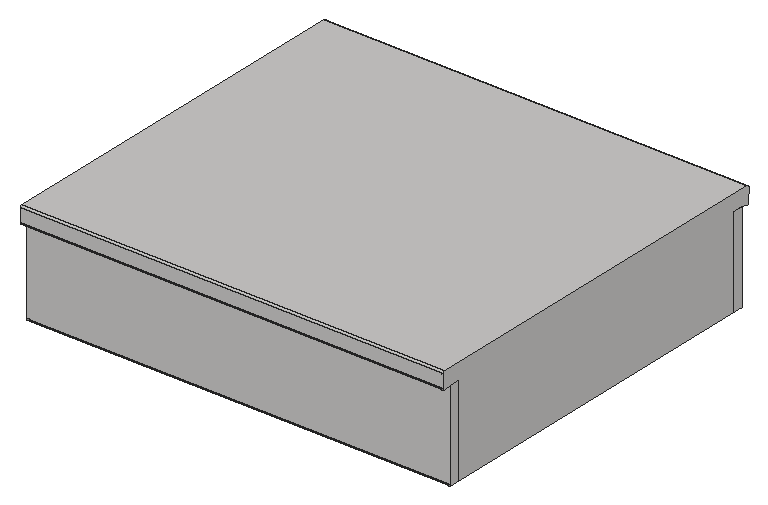
Revit family "QF_ELECTROLUXPROFESSIONAL_589168_MCNABAJOOO", category Specialty Equipment, Revit 2018
Family settings
  Round Connector Dimension = Use Diameter
  Part Type = Normal
  Work Plane-Based = No
  Always vertical = Yes
  Cut with Voids When Loaded = No
  Shared = No
  Room Calculation Point = No
Parameters
  Weight in Pounds = 74.95
  URL Cutsheet = "www.electrolux.com/professional"
  URL = "www.electrolux.com/professional"
  Type Mark [instance] = ""
  Status [instance] = ""
  Specification by User [instance] = ""
  Specification by Manufacturer = ""
  Serial Number = ""
  Seismic Rating = ""
  SMACNA No = ""
  Revision Code [instance] = ""
  Omniclass Number and Title = ""
  NAFEM Spec ID Number = ""
  Model = "589168"
  Masterspec = ""
  Manufacturer = "ELECTROLUX"
  Item Number [instance] = ""
  Installed By [instance] = ""
  Identify Quantity as Lot [instance] = yes
  Furnished By [instance] = ""
  Foodservice Equipment Identifier [instance] = yes
  Direct Waste Size = 0"
  Description = "WORK TOP,CLOSED,1-SIDE,1000X900X250H"
  CSI MasterFormat = ""
  CSI Master Format = ""
Reference planes
  plane 1 "BACK": y = 0
  plane 2: z = 0
  plane 3 "LEFT": x = 0
  plane 4 "RIGHT": x = 1000
  plane 5 "FRONT": y = -900
  plane 6 "TOP": z = 250
  plane 7 "Center Y": x = 500
  plane 8 "Center X": y = -450
Forms (mm)
  Extrusion 1, solid, material "QF_Finishes_Stainless Steel"
    sketch origin (0, 50.048, 0) x (0, 1, 0) y (0, 0, 1)
      loop
        line (-95.048, 213) -> (-71.412, 213) -> (-54.743, 210.061)
        arc (-54.743, 210.061) -> (-51.477, 210.936) -> (-50.048, 214) r 4
        line (-50.048, 214) -> (-50.048, 246)
        arc (-50.048, 246) -> (-51.22, 248.828) -> (-54.048, 250) r 4
        line (-54.048, 250) -> (-946.048, 250)
        arc (-946.048, 250) -> (-948.877, 248.828) -> (-950.048, 246) r 4
        line (-950.048, 246) -> (-950.048, 214)
        arc (-950.048, 214) -> (-948.619, 210.936) -> (-945.353, 210.061) r 4
        line (-945.353, 210.061) -> (-928.509, 213) -> (-905.048, 213) -> (-905.048, 0) -> (-95.048, 0) -> (-95.048, 213)
    from 0 to 1000
  Extrusion 2, solid, material "QF_Finishes_Stainless Steel"
    sketch origin (0, 50.048, 0) x (0, 1, 0) y (0, 0, 1)
      loop
        arc (-928.048, 213) -> (-929.462, 212.414) -> (-930.048, 211) r 2
        line (-930.048, 211) -> (-930.048, 2)
        arc (-930.048, 2) -> (-929.462, 0.586) -> (-928.048, 0) r 2
        line (-928.048, 0) -> (-905.048, 0) -> (-905.048, 213) -> (-928.048, 213)
      loop
        line (-72.048, 213) -> (-95.048, 213) -> (-95.048, 0) -> (-72.048, 0)
        arc (-72.048, 0) -> (-70.634, 0.586) -> (-70.048, 2) r 2
        line (-70.048, 2) -> (-70.048, 211)
        arc (-70.048, 211) -> (-70.634, 212.414) -> (-72.048, 213) r 2
    from 0 to 1000
Lines and regions (mm)
  symbolic lines
    curve 1: line (0, 0, 0) -> (1000, 0, 0)
    curve 2: line (0, -900, 0) -> (0, 0, 0)
    curve 3: line (1000, -900, 0) -> (0, -900, 0)
    curve 4: line (1000, 0, 0) -> (1000, -900, 0)
Dimensions and locks
  equal spacing: plane 3 "LEFT", plane 7 "Center Y", plane 4 "RIGHT"
  plane 3 "LEFT" to plane 4 "RIGHT" = 1000.00 mm
  equal spacing: plane 5 "FRONT", plane 8 "Center X", plane 1 "BACK"
  plane 5 "FRONT" to plane 1 "BACK" = 900.00 mm
  plane 6 "TOP" to level = 250.00 mm
  aligned and locked: level to plane 2
  aligned and locked: Extrusion 1 to plane 4 "RIGHT"
  aligned and locked: Extrusion 2 to plane 4 "RIGHT"
Automatic sketch dimensions
  Extrusion 1 sketch curve to plane 6 "TOP" = 0.00 mm
  Extrusion 1 sketch curve to level = 0.00 mm
  Extrusion 1 sketch curve to plane 6 "TOP" = 36.00 mm
  plane 5 "FRONT" to Extrusion 1 sketch curve = 0.00 mm
  Extrusion 1 sketch curve to plane 6 "TOP" = 39.939 mm
  Extrusion 1 sketch curve to Extrusion 1 sketch curve = 4.00 mm
  Extrusion 1 sketch curve to Extrusion 1 sketch curve = 4.695 mm  (x2)
  Extrusion 1 sketch curve to Extrusion 1 sketch curve = 16.844 mm
  Extrusion 1 sketch curve to plane 5 "FRONT" = 45.00 mm
  plane 1 "BACK" to Extrusion 1 sketch curve = 45.00 mm
  Extrusion 1 sketch curve to Extrusion 1 sketch curve = 23.636 mm
  Extrusion 1 sketch curve to Extrusion 1 sketch curve = 17.364 mm
  Extrusion 1 sketch curve to Extrusion 1 sketch curve = 21.364 mm
  Extrusion 1 sketch curve to Extrusion 1 sketch curve = 0.00 mm  (x2)
  Extrusion 1 sketch curve to Extrusion 1 sketch curve = 0.695 mm
  Extrusion 1 sketch curve to plane 6 "TOP" = 37.00 mm  (x2)
  Extrusion 1 sketch curve to Extrusion 1 sketch curve = 1.00 mm
  Extrusion 2 sketch curve to level = 0.00 mm  (x2)
  level to Extrusion 2 sketch curve = 2.00 mm  (x2)
  Extrusion 2 sketch curve to plane 5 "FRONT" = 20.00 mm
  Extrusion 2 sketch curve to Extrusion 2 sketch curve = 2.00 mm
  Extrusion 2 sketch curve to Extrusion 2 sketch curve = 23.00 mm
  plane 1 "BACK" to Extrusion 2 sketch curve = 45.00 mm
  plane 1 "BACK" to Extrusion 2 sketch curve = 22.00 mm  (x2)
  Extrusion 2 sketch curve to plane 6 "TOP" = 39.00 mm  (x2)
  curve 3 to plane 3 "LEFT" = 0.00 mm
  curve 3 to plane 4 "RIGHT" = 0.00 mm
  plane 1 "BACK" to curve 2 = 0.00 mm
  curve 4 to plane 5 "FRONT" = 0.00 mm
